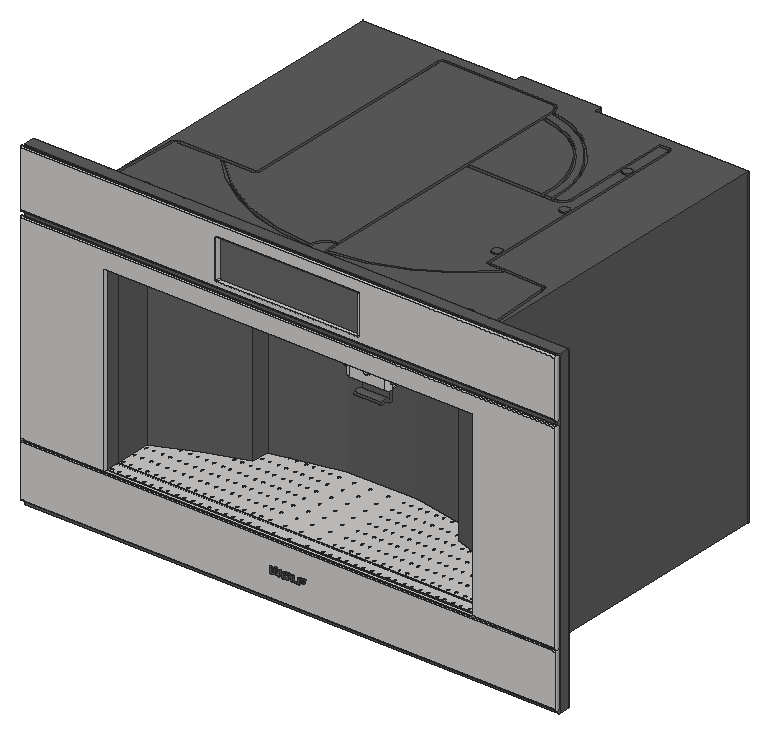
Revit family "EC3050PM", category Specialty Equipment, Revit 2017
Family settings
  Round Connector Dimension = Use Diameter
  Part Type = Normal
  OmniClass Number = 23.40.40.11.21
  OmniClass Title = Hot Cabinets
  Work Plane-Based = No
  Always vertical = Yes
  Cut with Voids When Loaded = No
  Shared = No
  Room Calculation Point = No
Parameters (values of type "EC3050PM")
  URL = "http://www.yepsketch.com"
  Model = "EC3050PM"
  Manufacturer = "Subzero Wolf"
  Author = "Yepsketch"
  Assembly Code = "E1090320"
Reference planes (in)
  plane 1 "Center (Front/Back)": y = 0
  plane 2: z = 0
  plane 3 "Center (Left/Right)": x = 0
Forms (in)
  Extrusion 1, solid, material "Thermoplastic Resin"
    sketch origin (0, 0, 0) x (1, 0, 0) y (0, 1, 0)
      loop
        line (-10.56417, 11.49096) -> (-10.56417, -6.19009) -> (10.89149, -6.19009) -> (10.89149, 11.48176)
        arc (10.89149, 11.48176) -> (10.88186, 11.505) -> (10.85861, 11.51463) r 0.03287
        line (10.85861, 11.51463) -> (2.4247, 11.51463)
        arc (2.4247, 11.51463) -> (2.39736, 11.52596) -> (2.38603, 11.5533) r 0.03867
        line (2.38603, 11.5533) -> (2.38603, 11.83137)
        arc (2.38603, 11.83137) -> (2.36087, 11.89211) -> (2.30014, 11.91727) r 0.08589
        line (2.30014, 11.91727) -> (-2.01654, 11.91727)
        arc (-2.01654, 11.91727) -> (-2.04636, 11.90491) -> (-2.05872, 11.87508) r 0.04218
        line (-2.05872, 11.87508) -> (-2.05872, 11.54377)
        arc (-2.05872, 11.54377) -> (-2.06741, 11.5228) -> (-2.08838, 11.51412) r 0.02966
        line (-2.08838, 11.51412) -> (-10.54102, 11.51412)
        arc (-10.54102, 11.51412) -> (-10.55739, 11.50733) -> (-10.56417, 11.49096) r 0.02316
    from 0 to 17.50389
  Extrusion 2, solid, material "Thermoplastic Resin"
    sketch origin (0, 0, 0) x (1, 0, 0) y (0, 1, 0)
      loop
        arc (-14.69217, -6.15193) -> (-14.72116, -6.16394) -> (-14.73318, -6.19294) r 0.04101
        line (-14.73318, -6.19294) -> (-14.73318, -6.74089)
        arc (-14.73318, -6.74089) -> (-14.70711, -6.80383) -> (-14.64418, -6.82989) r 0.089
        line (-14.64418, -6.82989) -> (-12.16097, -6.82989) -> (-12.16097, -6.86238) -> (14.81081, -6.86238) -> (14.81081, -6.82989) -> (14.97149, -6.82989)
        arc (14.97149, -6.82989) -> (15.03442, -6.80383) -> (15.06049, -6.74089) r 0.089
        line (15.06049, -6.74089) -> (15.06049, -6.20194)
        arc (15.06049, -6.20194) -> (15.04584, -6.16657) -> (15.01047, -6.15193) r 0.05001
        line (15.01047, -6.15193) -> (-14.69217, -6.15193)
    from 0 to 17.89035
  Extrusion 3, solid, material "Stainless Steel, Brushed"
    sketch origin (0, 0, 0) x (0, 1, 0) y (0, 0, 1)
      loop
        line (-6.97925, 17.8877) -> (-6.97925, 17.92118) -> (-7.06177, 17.92118)
        arc (-7.06177, 17.92118) -> (-7.10666, 17.90259) -> (-7.12525, 17.8577) r 0.06348
        line (-7.12525, 17.8577) -> (-7.12525, 14.7687)
        arc (-7.12525, 14.7687) -> (-7.10768, 14.72628) -> (-7.06525, 14.7087) r 0.06
        line (-7.06525, 14.7087) -> (-6.97925, 14.7087) -> (-6.97925, 14.741)
        arc (-6.97925, 14.741) -> (-6.92582, 14.75199) -> (-6.88306, 14.78586) r 0.11786
        line (-6.88306, 14.78586) -> (-6.88306, 17.79151)
        arc (-6.88306, 17.79151) -> (-6.91124, 17.85953) -> (-6.97925, 17.8877) r 0.09619
    from -14.76984 to 15.10791
  Extrusion 4, solid, material "Stainless Steel, Brushed"
    sketch origin (0, 0, -3.4915) x (0, 1, 0) y (0, 0, 1)
      loop
        line (-6.97925, 17.8877) -> (-6.97925, 17.92118) -> (-7.06177, 17.92118)
        arc (-7.06177, 17.92118) -> (-7.10666, 17.90259) -> (-7.12525, 17.8577) r 0.06348
        line (-7.12525, 17.8577) -> (-7.12525, 6.86508)
        arc (-7.12525, 6.86508) -> (-7.10768, 6.82266) -> (-7.06525, 6.80508) r 0.06
        line (-7.06525, 6.80508) -> (-6.97925, 6.80508) -> (-6.97925, 6.83738)
        arc (-6.97925, 6.83738) -> (-6.92582, 6.84837) -> (-6.88306, 6.88224) r 0.11786
        line (-6.88306, 6.88224) -> (-6.88306, 17.79151)
        arc (-6.88306, 17.79151) -> (-6.91124, 17.85953) -> (-6.97925, 17.8877) r 0.09619
    from -14.76984 to 15.10791
  Extrusion 5, solid, material "Stainless Steel, Brushed"
    sketch origin (0, 0, -14.65955) x (0, 1, 0) y (0, 0, 1)
      loop
        line (-6.97925, 17.8877) -> (-6.97925, 17.92118) -> (-7.03893, 17.92118)
        arc (-7.03893, 17.92118) -> (-7.08382, 17.90259) -> (-7.10241, 17.8577) r 0.06348
        line (-7.10241, 17.8577) -> (-7.10241, 14.98643)
        arc (-7.10241, 14.98643) -> (-7.08484, 14.944) -> (-7.04241, 14.92643) r 0.06
        line (-7.04241, 14.92643) -> (-6.97925, 14.92643) -> (-6.97925, 14.95872)
        arc (-6.97925, 14.95872) -> (-6.92582, 14.96971) -> (-6.88306, 15.00358) r 0.11786
        line (-6.88306, 15.00358) -> (-6.88306, 17.79151)
        arc (-6.88306, 17.79151) -> (-6.91124, 17.85953) -> (-6.97925, 17.8877) r 0.09619
    from -14.76984 to 15.10791
  Extrusion 6, solid
    sketch origin (0, 0, 0) x (1, 0, 0) y (0, 0, 1)
      loop
        line (-0.78338, 1.93507) -> (-0.78338, 1.6486)
        arc (-0.78338, 1.6486) -> (-0.76479, 1.60964) -> (-0.7228, 1.59961) r 0.05011
        arc (-0.7228, 1.59961) -> (-0.61616, 1.62639) -> (-0.5079, 1.64558) r 1.55626
        arc (-0.5079, 1.64558) -> (-0.40084, 1.6278) -> (-0.2958, 1.60049) r 1.20968
        arc (-0.2958, 1.60049) -> (-0.25018, 1.60972) -> (-0.23318, 1.65304) r 0.04866
        line (-0.23318, 1.65304) -> (-0.23318, 1.93125)
        arc (-0.23318, 1.93125) -> (-0.31238, 1.89844) -> (-0.34519, 1.81924) r 0.11201
        line (-0.34519, 1.81924) -> (-0.34519, 1.70699)
        arc (-0.34519, 1.70699) -> (-0.35261, 1.68908) -> (-0.37053, 1.68166) r 0.02534
        arc (-0.37053, 1.68166) -> (-0.43864, 1.69691) -> (-0.5079, 1.70549) r 0.72005
        arc (-0.5079, 1.70549) -> (-0.57894, 1.69799) -> (-0.64803, 1.67986) r 0.47224
        arc (-0.64803, 1.67986) -> (-0.6643, 1.6866) -> (-0.67104, 1.70287) r 0.02301
        line (-0.67104, 1.70287) -> (-0.67104, 1.82273)
        arc (-0.67104, 1.82273) -> (-0.70394, 1.90217) -> (-0.78338, 1.93507) r 0.11235
      loop
        arc (-0.56557, 1.90748) -> (-0.5872, 1.89239) -> (-0.60229, 1.87076) r 0.07521
        arc (-0.60229, 1.87076) -> (-0.59345, 1.78059) -> (-0.51043, 1.74433) r 0.08951
        arc (-0.51043, 1.74433) -> (-0.47511, 1.76343) -> (-0.46243, 1.80153) r 0.05455
        arc (-0.46243, 1.80153) -> (-0.46214, 1.81803) -> (-0.45569, 1.83322) r 0.04323
        arc (-0.45569, 1.83322) -> (-0.43543, 1.81122) -> (-0.42883, 1.78205) r 0.05798
        arc (-0.42883, 1.78205) -> (-0.41536, 1.79598) -> (-0.40624, 1.81308) r 0.06974
        arc (-0.40624, 1.81308) -> (-0.4108, 1.85645) -> (-0.43391, 1.89342) r 0.09691
        line (-0.43391, 1.89342) -> (-0.45673, 1.91625)
        arc (-0.45673, 1.91625) -> (-0.47997, 1.95054) -> (-0.49449, 1.98935) r 0.17478
        arc (-0.49449, 1.98935) -> (-0.51379, 1.97221) -> (-0.52256, 1.94794) r 0.05234
        arc (-0.52256, 1.94794) -> (-0.5155, 1.91422) -> (-0.51539, 1.87978) r 0.16948
        arc (-0.51539, 1.87978) -> (-0.52642, 1.85392) -> (-0.55331, 1.8621) r 0.02104
        arc (-0.55331, 1.8621) -> (-0.56264, 1.88392) -> (-0.56557, 1.90748) r 0.08502
      loop
        line (-0.13714, 1.82707) -> (-0.13714, 1.70373)
        arc (-0.13714, 1.70373) -> (-0.09523, 1.61485) -> (0, 1.59063) r 0.1152
        line (0, 1.59063) -> (0.17151, 1.59063)
        arc (0.17151, 1.59063) -> (0.25662, 1.62589) -> (0.29188, 1.711) r 0.12037
        line (0.29188, 1.711) -> (0.29188, 1.81888)
        arc (0.29188, 1.81888) -> (0.25662, 1.90399) -> (0.17151, 1.93924) r 0.12037
        line (0.17151, 1.93924) -> (0, 1.93924)
        arc (0, 1.93924) -> (-0.09515, 1.91565) -> (-0.13714, 1.82707) r 0.11445
      loop
        arc (0.1346, 1.64398) -> (0.17192, 1.65944) -> (0.18738, 1.69676) r 0.05278
        line (0.18738, 1.69676) -> (0.18738, 1.83018)
        arc (0.18738, 1.83018) -> (0.17192, 1.8675) -> (0.1346, 1.88296) r 0.05278
        line (0.1346, 1.88296) -> (0.018, 1.88296)
        arc (0.018, 1.88296) -> (-0.02223, 1.86286) -> (-0.03032, 1.81862) r 0.05032
        line (-0.03032, 1.81862) -> (-0.03032, 1.71287)
        arc (-0.03032, 1.71287) -> (-0.01014, 1.66416) -> (0.03857, 1.64398) r 0.06889
        line (0.03857, 1.64398) -> (0.1346, 1.64398)
      loop
        arc (0.8275, 1.93924) -> (0.78371, 1.92111) -> (0.76557, 1.87732) r 0.06192
        line (0.76557, 1.87732) -> (0.76557, 1.65068)
        arc (0.76557, 1.65068) -> (0.8195, 1.59675) -> (0.87343, 1.65068) r 0.05393
        line (0.87343, 1.65068) -> (0.87343, 1.6847)
        arc (0.87343, 1.6847) -> (0.88527, 1.70013) -> (0.90382, 1.70598) r 0.03234
        line (0.90382, 1.70598) -> (1.06376, 1.70598)
        arc (1.06376, 1.70598) -> (1.09629, 1.73851) -> (1.06376, 1.77105) r 0.03253
        line (1.06376, 1.77105) -> (0.88126, 1.77105)
        arc (0.88126, 1.77105) -> (0.87349, 1.80451) -> (0.88126, 1.83797) r 0.07591
        line (0.88126, 1.83797) -> (1.06376, 1.83797)
        arc (1.06376, 1.83797) -> (1.13029, 1.86868) -> (1.15008, 1.93924) r 0.08743
        line (1.15008, 1.93924) -> (0.8275, 1.93924)
      loop
        arc (0.50305, 1.82698) -> (0.47017, 1.90636) -> (0.39079, 1.93924) r 0.11226
        line (0.39079, 1.93924) -> (0.39079, 1.65068)
        arc (0.39079, 1.65068) -> (0.40668, 1.61231) -> (0.44504, 1.59642) r 0.05425
        line (0.44504, 1.59642) -> (0.69605, 1.59642)
        arc (0.69605, 1.59642) -> (0.72741, 1.62779) -> (0.69605, 1.65915) r 0.03137
        line (0.69605, 1.65915) -> (0.5263, 1.65915)
        arc (0.5263, 1.65915) -> (0.50986, 1.66596) -> (0.50305, 1.6824) r 0.02324
        line (0.50305, 1.6824) -> (0.50305, 1.82698)
    from 6.89908 to 7.17238
  Extrusion 7, void
    sketch origin (0, 0, 0) x (1, 0, 0) y (0, 1, 0)
      loop
        line (10.43658, -7.47925) -> (10.43658, -4.12556)
        arc (10.43658, -4.12556) -> (0.17625, -1.55558) -> (-10.08408, -4.12556) r 21.76654
        line (-10.08408, -4.12556) -> (-10.08408, -7.47925) -> (10.43658, -7.47925)
    from 3.35827 to 13.44431
  Extrusion 8, void
    sketch origin (0, 0, 0) x (1, 0, 0) y (0, 1, 0)
      loop
        line (5.81257, -2.39482) -> (5.81257, -1.20985)
        arc (5.81257, -1.20985) -> (0.10363, -0.39706) -> (-5.58408, -1.3471) r 18.86171
        line (-5.58408, -1.3471) -> (-5.58408, -2.39482) -> (5.81257, -2.39482)
    from 3.35827 to 12.25674
  Extrusion 9, solid
    sketch origin (0, 0, 0) x (1, 0, 0) y (0, 0, 1)
      loop
        arc (-0.99053, 12.25674) -> (-1.04261, 12.23517) -> (-1.06418, 12.18309) r 0.07365
        line (-1.06418, 12.18309) -> (-1.06418, 9.0422)
        arc (-1.06418, 9.0422) -> (-1.05479, 8.99904) -> (-1.0211, 8.9705) r 0.06879
        line (-1.0211, 8.9705) -> (1.3753, 8.9705)
        arc (1.3753, 8.9705) -> (1.42013, 9.0049) -> (1.43713, 9.05879) r 0.09396
        line (1.43713, 9.05879) -> (1.43713, 12.16873)
        arc (1.43713, 12.16873) -> (1.42922, 12.22878) -> (1.3755, 12.25674) r 0.06558
        line (1.3755, 12.25674) -> (-0.99053, 12.25674)
    from 0.65833 to 1.62812
  Extrusion 10, void
    sketch origin (0, 0, 0) x (1, 0, 0) y (0, 1, 0)
      loop
        line (-0.75, -0.65833) -> (-0.75, -0.62266) -> (-1.11603, -0.62266) -> (-1.11603, -0.88277) -> (-1.08095, -0.88277)
        arc (-1.08095, -0.88277) -> (-0.95427, -0.71335) -> (-0.75, -0.65833) r 0.32374
    from 8.9705 to 12.25674
  Extrusion 11, void
    sketch origin (0, -2.28645, 0) x (1, 0, 0) y (0, 1, 0)
      loop
        arc (-0.75, 0.65833) -> (-0.95427, 0.71335) -> (-1.08095, 0.88277) r 0.32374
        line (-1.08095, 0.88277) -> (-1.11603, 0.88277) -> (-1.11603, 0.62266) -> (-0.75, 0.62266) -> (-0.75, 0.65833)
    from 8.9705 to 12.25674
  Extrusion 12, void
    sketch origin (0.36435, 0, 0) x (-1, 0, 0) y (0, -1, 0)
      loop
        arc (-0.75, 0.65833) -> (-0.95427, 0.71335) -> (-1.08095, 0.88277) r 0.32374
        line (-1.08095, 0.88277) -> (-1.11603, 0.88277) -> (-1.11603, 0.62266) -> (-0.75, 0.62266) -> (-0.75, 0.65833)
    from 8.9705 to 12.25674
  Extrusion 13, void
    sketch origin (0.36435, -2.28645, 0) x (-1, 0, 0) y (0, -1, 0)
      loop
        line (-0.75, -0.65833) -> (-0.75, -0.62266) -> (-1.11603, -0.62266) -> (-1.11603, -0.88277) -> (-1.08095, -0.88277)
        arc (-1.08095, -0.88277) -> (-0.95427, -0.71335) -> (-0.75, -0.65833) r 0.32374
    from 8.9705 to 12.25674
  Extrusion 14, void
    sketch origin (0, 0, 0) x (1, 0, 0) y (0, 0, 1)
      loop
        arc (0.20907, 9.90188) -> (0.17042, 9.85411) -> (0.16908, 9.79268) r 0.09502
        arc (0.16908, 9.79268) -> (0.18215, 9.72731) -> (0.18063, 9.66066) r 0.30348
        arc (0.18063, 9.66066) -> (0.14266, 9.61745) -> (0.08817, 9.63589) r 0.05184
        arc (0.08817, 9.63589) -> (0.07317, 9.68429) -> (0.06832, 9.73474) r 0.248
        arc (0.06832, 9.73474) -> (0.03117, 9.70357) -> (0, 9.66642) r 0.27811
        arc (0, 9.66642) -> (-0.03214, 9.56447) -> (0, 9.46251) r 0.17777
        arc (0, 9.46251) -> (0.08156, 9.39864) -> (0.18488, 9.39109) r 0.17777
        arc (0.18488, 9.39109) -> (0.26455, 9.44662) -> (0.28288, 9.54199) r 0.12895
        arc (0.28288, 9.54199) -> (0.28669, 9.5608) -> (0.30015, 9.57448) r 0.03369
        arc (0.30015, 9.57448) -> (0.34555, 9.53065) -> (0.36081, 9.46941) r 0.11445
        arc (0.36081, 9.46941) -> (0.40365, 9.53676) -> (0.39744, 9.61633) r 0.12602
        arc (0.39744, 9.61633) -> (0.3554, 9.68927) -> (0.29688, 9.74979) r 0.34354
        arc (0.29688, 9.74979) -> (0.24434, 9.82085) -> (0.20907, 9.90188) r 0.39184
      loop
        arc (0.31058, 9.76443) -> (0.25569, 9.84161) -> (0.22208, 9.93015) r 0.37184
        arc (0.22208, 9.93015) -> (0.15685, 9.87305) -> (0.15001, 9.78663) r 0.11502
        arc (0.15001, 9.78663) -> (0.16222, 9.72557) -> (0.1608, 9.66331) r 0.28348
        arc (0.1608, 9.66331) -> (0.13859, 9.63709) -> (0.10548, 9.64632) r 0.03184
        arc (0.10548, 9.64632) -> (0.08968, 9.70824) -> (0.09167, 9.77212) r 0.228
        arc (0.09167, 9.77212) -> (0.0319, 9.7316) -> (-0.01638, 9.67789) r 0.29811
        arc (-0.01638, 9.67789) -> (-0.05214, 9.56447) -> (-0.01638, 9.45104) r 0.19777
        arc (-0.01638, 9.45104) -> (0.07435, 9.37999) -> (0.1893, 9.37158) r 0.19777
        arc (0.1893, 9.37158) -> (0.28248, 9.43754) -> (0.3016, 9.55009) r 0.14895
        arc (0.3016, 9.55009) -> (0.33835, 9.49516) -> (0.3301, 9.42959) r 0.09445
        arc (0.3301, 9.42959) -> (0.41499, 9.50834) -> (0.41586, 9.62412) r 0.14602
        arc (0.41586, 9.62412) -> (0.37181, 9.70072) -> (0.31058, 9.76443) r 0.36354
    from 1.60848 to 1.62812
  Extrusion 15, solid
    sketch origin (0, 0, 0) x (1, 0, 0) y (0, 1, 0)
      loop
        line (-1.0654, -1.51266) -> (-1.0654, -0.77485)
        arc (-1.0654, -0.77485) -> (-1.38347, -1.14376) -> (-1.0654, -1.51266) r 0.37297
      loop
        arc (1.43713, -1.51224) -> (1.75242, -1.14376) -> (1.43713, -0.77528) r 0.37297
        line (1.43713, -0.77528) -> (1.43713, -1.51224)
    from 9.34198 to 12.25674
  Extrusion 16, solid
    sketch origin (0, 0, 0) x (1, 0, 0) y (0, 0, 1)
      loop
        line (3.63763, 12.25674) -> (1.80142, 12.25674) -> (1.80142, 10.28113)
        arc (1.80142, 10.28113) -> (1.8242, 10.22611) -> (1.87922, 10.20332) r 0.0778
        line (1.87922, 10.20332) -> (2.88062, 10.20332) -> (2.88062, 11.77288)
        arc (2.88062, 11.77288) -> (2.9035, 11.8281) -> (2.95872, 11.85098) r 0.07809
        line (2.95872, 11.85098) -> (3.56601, 11.85098)
        arc (3.56601, 11.85098) -> (3.61666, 11.87195) -> (3.63763, 11.9226) r 0.07162
        line (3.63763, 11.9226) -> (3.63763, 12.25674)
    from 0.44984 to 0.7314
  Extrusion 17, solid
    sketch origin (0, 0, 0) x (1, 0, 0) y (0, 0, 1)
      loop
        line (3.09625, 12.25674) -> (2.0222, 12.25674) -> (2.0222, 11.90363)
        arc (2.0222, 11.90363) -> (2.07285, 11.8872) -> (2.12476, 11.8754) r 0.59081
        line (2.12476, 11.8754) -> (2.12476, 10.64971)
        arc (2.12476, 10.64971) -> (2.15218, 10.58351) -> (2.21839, 10.55608) r 0.09363
        line (2.21839, 10.55608) -> (2.54973, 10.55608)
        arc (2.54973, 10.55608) -> (2.60515, 10.57904) -> (2.62811, 10.63446) r 0.07838
        line (2.62811, 10.63446) -> (2.62811, 11.83337)
        arc (2.62811, 11.83337) -> (2.66624, 11.87122) -> (2.71815, 11.88506) r 0.10427
        line (2.71815, 11.88506) -> (3.03833, 11.88506)
        arc (3.03833, 11.88506) -> (3.07929, 11.90203) -> (3.09625, 11.94298) r 0.05792
        line (3.09625, 11.94298) -> (3.09625, 12.25674)
    from 0.7314 to 0.80308
  Extrusion 18, solid
    sketch origin (0, 0, 0) x (1, 0, 0) y (0, 0, 1)
      loop
        arc (2.08069, 11.26495) -> (2.13805, 11.08842) -> (2.28823, 10.97934) r 0.30029
        line (2.28823, 10.97934) -> (2.48346, 10.97934)
        arc (2.48346, 10.97934) -> (2.63358, 11.08845) -> (2.69092, 11.26495) r 0.30032
        line (2.69092, 11.26495) -> (2.69092, 11.83379)
        arc (2.69092, 11.83379) -> (2.63433, 11.97041) -> (2.49771, 12.027) r 0.19321
        line (2.49771, 12.027) -> (2.28515, 12.027)
        arc (2.28515, 12.027) -> (2.13688, 11.91323) -> (2.08069, 11.73499) r 0.31075
        line (2.08069, 11.73499) -> (2.08069, 11.26495)
    from 0.80308 to 0.83889
  Extrusion 19, solid
    sketch origin (0, 0, 0) x (1, 0, 0) y (0, 0, 1)
      loop
        arc (2.28823, 10.98856) -> (2.29476, 10.9728) -> (2.31052, 10.96626) r 0.0223
        line (2.31052, 10.96626) -> (2.46109, 10.96626)
        arc (2.46109, 10.96626) -> (2.47693, 10.97126) -> (2.48705, 10.98444) r 0.02762
        line (2.48705, 10.98444) -> (2.48705, 12.22934)
        arc (2.48705, 12.22934) -> (2.47778, 12.24362) -> (2.46169, 12.24916) r 0.02613
        line (2.46169, 12.24916) -> (2.31653, 12.24916)
        arc (2.31653, 12.24916) -> (2.29929, 12.24366) -> (2.28823, 12.22934) r 0.03043
        line (2.28823, 12.22934) -> (2.28823, 10.98856)
    from 0.83889 to 0.89472
  Extrusion 20, solid
    sketch origin (0, 0, 0) x (0, 1, 0) y (0, 0, 1)
      loop
        line (-0.84436, 8.9705) -> (-0.99436, 8.9705) -> (-0.99436, 8.19369)
        arc (-0.99436, 8.19369) -> (-1.26723, 8.29577) -> (-1.55106, 8.23005) r 0.50472
        arc (-1.55106, 8.23005) -> (-1.57884, 8.12769) -> (-1.47648, 8.0999) r 0.075
        arc (-1.47648, 8.0999) -> (-1.20832, 8.13476) -> (-0.99352, 7.9705) r 0.35472
        line (-0.99352, 7.9705) -> (-0.84436, 7.9705) -> (-0.84436, 8.9705)
    from -0.57 to 0.94415
  Extrusion 21, solid
    sketch origin (0, 0, 0) x (1, 0, 0) y (0, 1, 0)
      loop
        circle (-0.4373, -1.08937) r 0.02
      loop
        circle (0.82051, -1.08937) r 0.02
    from 8.77454 to 9.01713
  Extrusion 22, void
    sketch origin (0, 0, 0) x (1, 0, 0) y (0, 1, 0)
      loop
        circle (-9.90171, -6.74661) r 0.06
      loop
        circle (-9.49728, -6.74661) r 0.06
      loop
        circle (-8.99728, -6.74661) r 0.06
      loop
        circle (-8.59285, -6.74661) r 0.06
      loop
        circle (-8.09285, -6.74661) r 0.06
      loop
        circle (-7.68843, -6.74661) r 0.06
      loop
        circle (-7.18843, -6.74661) r 0.06
      loop
        circle (-6.784, -6.74661) r 0.06
      loop
        circle (-6.284, -6.74661) r 0.06
      loop
        circle (-5.87957, -6.74661) r 0.06
      loop
        circle (-5.37957, -6.74661) r 0.06
      loop
        circle (-4.97515, -6.74661) r 0.06
      loop
        circle (-4.47515, -6.74661) r 0.06
      loop
        circle (-4.07072, -6.74661) r 0.06
      loop
        circle (-3.57072, -6.74661) r 0.06
      loop
        circle (-3.1663, -6.74661) r 0.06
      loop
        circle (-2.6663, -6.74661) r 0.06
      loop
        circle (-2.26187, -6.74661) r 0.06
      loop
        circle (-1.76187, -6.74661) r 0.06
      loop
        circle (1.84829, -6.74661) r 0.06
      loop
        circle (2.25272, -6.74661) r 0.06
      loop
        circle (2.75272, -6.74661) r 0.06
      loop
        circle (3.15715, -6.74661) r 0.06
      loop
        circle (3.65715, -6.74661) r 0.06
      loop
        circle (4.06157, -6.74661) r 0.06
      loop
        circle (4.56157, -6.74661) r 0.06
      loop
        circle (4.966, -6.74661) r 0.06
      loop
        circle (5.466, -6.74661) r 0.06
      loop
        circle (5.87043, -6.74661) r 0.06
      loop
        circle (6.37043, -6.74661) r 0.06
      loop
        circle (6.77485, -6.74661) r 0.06
      loop
        circle (7.27485, -6.74661) r 0.06
      loop
        circle (7.67928, -6.74661) r 0.06
      loop
        circle (8.17928, -6.74661) r 0.06
      loop
        circle (8.5837, -6.74661) r 0.06
      loop
        circle (9.0837, -6.74661) r 0.06
      loop
        circle (9.48813, -6.74661) r 0.06
      loop
        circle (9.98813, -6.74661) r 0.06
      loop
        circle (-0.03032, -6.74661) r 0.06
      loop
        circle (0.96968, -6.74661) r 0.06
      loop
        circle (-0.90645, -6.74661) r 0.06
    from 3.16504 to 3.46811
  Extrusion 23, void
    sketch origin (0, 0.8, 0) x (1, 0, 0) y (0, 1, 0)
      loop
        circle (-9.90171, -6.74661) r 0.06
      loop
        circle (-9.49728, -6.74661) r 0.06
      loop
        circle (-8.99728, -6.74661) r 0.06
      loop
        circle (-8.59285, -6.74661) r 0.06
      loop
        circle (-8.09285, -6.74661) r 0.06
      loop
        circle (-7.68843, -6.74661) r 0.06
      loop
        circle (-7.18843, -6.74661) r 0.06
      loop
        circle (-6.784, -6.74661) r 0.06
      loop
        circle (-6.284, -6.74661) r 0.06
      loop
        circle (-5.87957, -6.74661) r 0.06
      loop
        circle (-5.37957, -6.74661) r 0.06
      loop
        circle (-4.97515, -6.74661) r 0.06
      loop
        circle (-4.47515, -6.74661) r 0.06
      loop
        circle (-4.07072, -6.74661) r 0.06
      loop
        circle (-3.57072, -6.74661) r 0.06
      loop
        circle (-3.1663, -6.74661) r 0.06
      loop
        circle (-2.6663, -6.74661) r 0.06
      loop
        circle (-2.26187, -6.74661) r 0.06
      loop
        circle (-1.76187, -6.74661) r 0.06
      loop
        circle (1.84829, -6.74661) r 0.06
      loop
        circle (2.25272, -6.74661) r 0.06
      loop
        circle (2.75272, -6.74661) r 0.06
      loop
        circle (3.15715, -6.74661) r 0.06
      loop
        circle (3.65715, -6.74661) r 0.06
      loop
        circle (4.06157, -6.74661) r 0.06
      loop
        circle (4.56157, -6.74661) r 0.06
      loop
        circle (4.966, -6.74661) r 0.06
      loop
        circle (5.466, -6.74661) r 0.06
      loop
        circle (5.87043, -6.74661) r 0.06
      loop
        circle (6.37043, -6.74661) r 0.06
      loop
        circle (6.77485, -6.74661) r 0.06
      loop
        circle (7.27485, -6.74661) r 0.06
      loop
        circle (7.67928, -6.74661) r 0.06
      loop
        circle (8.17928, -6.74661) r 0.06
      loop
        circle (8.5837, -6.74661) r 0.06
      loop
        circle (9.0837, -6.74661) r 0.06
      loop
        circle (9.48813, -6.74661) r 0.06
      loop
        circle (9.98813, -6.74661) r 0.06
      loop
        circle (-0.03032, -6.74661) r 0.06
      loop
        circle (0.96968, -6.74661) r 0.06
      loop
        circle (-0.90645, -6.74661) r 0.06
    from 3.16504 to 3.46811
  Extrusion 24, void
    sketch origin (0, 1.6, 0) x (1, 0, 0) y (0, 1, 0)
      loop
        circle (-9.90171, -6.74661) r 0.06
      loop
        circle (-9.49728, -6.74661) r 0.06
      loop
        circle (-8.99728, -6.74661) r 0.06
      loop
        circle (-8.59285, -6.74661) r 0.06
      loop
        circle (-8.09285, -6.74661) r 0.06
      loop
        circle (-7.68843, -6.74661) r 0.06
      loop
        circle (-7.18843, -6.74661) r 0.06
      loop
        circle (-6.784, -6.74661) r 0.06
      loop
        circle (-6.284, -6.74661) r 0.06
      loop
        circle (-5.87957, -6.74661) r 0.06
      loop
        circle (-5.37957, -6.74661) r 0.06
      loop
        circle (-4.97515, -6.74661) r 0.06
      loop
        circle (-4.47515, -6.74661) r 0.06
      loop
        circle (-4.07072, -6.74661) r 0.06
      loop
        circle (-3.57072, -6.74661) r 0.06
      loop
        circle (-3.1663, -6.74661) r 0.06
      loop
        circle (-2.6663, -6.74661) r 0.06
      loop
        circle (-2.26187, -6.74661) r 0.06
      loop
        circle (-1.76187, -6.74661) r 0.06
      loop
        circle (1.84829, -6.74661) r 0.06
      loop
        circle (2.25272, -6.74661) r 0.06
      loop
        circle (2.75272, -6.74661) r 0.06
      loop
        circle (3.15715, -6.74661) r 0.06
      loop
        circle (3.65715, -6.74661) r 0.06
      loop
        circle (4.06157, -6.74661) r 0.06
      loop
        circle (4.56157, -6.74661) r 0.06
      loop
        circle (4.966, -6.74661) r 0.06
      loop
        circle (5.466, -6.74661) r 0.06
      loop
        circle (5.87043, -6.74661) r 0.06
      loop
        circle (6.37043, -6.74661) r 0.06
      loop
        circle (6.77485, -6.74661) r 0.06
      loop
        circle (7.27485, -6.74661) r 0.06
      loop
        circle (7.67928, -6.74661) r 0.06
      loop
        circle (8.17928, -6.74661) r 0.06
      loop
        circle (8.5837, -6.74661) r 0.06
      loop
        circle (9.0837, -6.74661) r 0.06
      loop
        circle (9.48813, -6.74661) r 0.06
      loop
        circle (9.98813, -6.74661) r 0.06
      loop
        circle (-0.03032, -6.74661) r 0.06
      loop
        circle (0.96968, -6.74661) r 0.06
      loop
        circle (-0.90645, -6.74661) r 0.06
    from 3.16504 to 3.46811
  Extrusion 25, void
    sketch origin (0, 2.4, 0) x (1, 0, 0) y (0, 1, 0)
      loop
        circle (-9.90171, -6.74661) r 0.06
      loop
        circle (-9.49728, -6.74661) r 0.06
      loop
        circle (-8.99728, -6.74661) r 0.06
      loop
        circle (-8.59285, -6.74661) r 0.06
      loop
        circle (-8.09285, -6.74661) r 0.06
      loop
        circle (-7.68843, -6.74661) r 0.06
      loop
        circle (-7.18843, -6.74661) r 0.06
      loop
        circle (-6.784, -6.74661) r 0.06
      loop
        circle (-6.284, -6.74661) r 0.06
      loop
        circle (-5.87957, -6.74661) r 0.06
      loop
        circle (-5.37957, -6.74661) r 0.06
      loop
        circle (-4.97515, -6.74661) r 0.06
      loop
        circle (-4.47515, -6.74661) r 0.06
      loop
        circle (-4.07072, -6.74661) r 0.06
      loop
        circle (-3.57072, -6.74661) r 0.06
      loop
        circle (-3.1663, -6.74661) r 0.06
      loop
        circle (-2.6663, -6.74661) r 0.06
      loop
        circle (-2.26187, -6.74661) r 0.06
      loop
        circle (-1.76187, -6.74661) r 0.06
      loop
        circle (1.84829, -6.74661) r 0.06
      loop
        circle (2.25272, -6.74661) r 0.06
      loop
        circle (2.75272, -6.74661) r 0.06
      loop
        circle (3.15715, -6.74661) r 0.06
      loop
        circle (3.65715, -6.74661) r 0.06
      loop
        circle (4.06157, -6.74661) r 0.06
      loop
        circle (4.56157, -6.74661) r 0.06
      loop
        circle (4.966, -6.74661) r 0.06
      loop
        circle (5.466, -6.74661) r 0.06
      loop
        circle (5.87043, -6.74661) r 0.06
      loop
        circle (6.37043, -6.74661) r 0.06
      loop
        circle (6.77485, -6.74661) r 0.06
      loop
        circle (7.27485, -6.74661) r 0.06
      loop
        circle (7.67928, -6.74661) r 0.06
      loop
        circle (8.17928, -6.74661) r 0.06
      loop
        circle (8.5837, -6.74661) r 0.06
      loop
        circle (9.0837, -6.74661) r 0.06
      loop
        circle (9.48813, -6.74661) r 0.06
      loop
        circle (9.98813, -6.74661) r 0.06
      loop
        circle (-0.03032, -6.74661) r 0.06
      loop
        circle (0.96968, -6.74661) r 0.06
      loop
        circle (-0.90645, -6.74661) r 0.06
    from 3.16504 to 3.46811
  Extrusion 26, void
    sketch origin (0, 3.2, 0) x (1, 0, 0) y (0, 1, 0)
      loop
        circle (-8.59285, -6.74661) r 0.06
      loop
        circle (-8.09285, -6.74661) r 0.06
      loop
        circle (-7.68843, -6.74661) r 0.06
      loop
        circle (-7.18843, -6.74661) r 0.06
      loop
        circle (-6.784, -6.74661) r 0.06
      loop
        circle (-6.284, -6.74661) r 0.06
      loop
        circle (-5.87957, -6.74661) r 0.06
      loop
        circle (-5.37957, -6.74661) r 0.06
      loop
        circle (-4.97515, -6.74661) r 0.06
      loop
        circle (-4.47515, -6.74661) r 0.06
      loop
        circle (-4.07072, -6.74661) r 0.06
      loop
        circle (-3.57072, -6.74661) r 0.06
      loop
        circle (-3.1663, -6.74661) r 0.06
      loop
        circle (-2.6663, -6.74661) r 0.06
      loop
        circle (-2.26187, -6.74661) r 0.06
      loop
        circle (-1.76187, -6.74661) r 0.06
      loop
        circle (1.84829, -6.74661) r 0.06
      loop
        circle (2.25272, -6.74661) r 0.06
      loop
        circle (2.75272, -6.74661) r 0.06
      loop
        circle (3.15715, -6.74661) r 0.06
      loop
        circle (3.65715, -6.74661) r 0.06
      loop
        circle (4.06157, -6.74661) r 0.06
      loop
        circle (4.56157, -6.74661) r 0.06
      loop
        circle (4.966, -6.74661) r 0.06
      loop
        circle (5.466, -6.74661) r 0.06
      loop
        circle (5.87043, -6.74661) r 0.06
      loop
        circle (6.37043, -6.74661) r 0.06
      loop
        circle (6.77485, -6.74661) r 0.06
      loop
        circle (7.27485, -6.74661) r 0.06
      loop
        circle (7.67928, -6.74661) r 0.06
      loop
        circle (8.17928, -6.74661) r 0.06
      loop
        circle (8.5837, -6.74661) r 0.06
      loop
        circle (-0.03032, -6.74661) r 0.06
      loop
        circle (0.96968, -6.74661) r 0.06
      loop
        circle (-0.90645, -6.74661) r 0.06
    from 3.16504 to 3.46811
  Extrusion 27, void
    sketch origin (0, 4, 0) x (1, 0, 0) y (0, 1, 0)
      loop
        circle (-6.284, -6.74661) r 0.06
      loop
        circle (-5.87957, -6.74661) r 0.06
      loop
        circle (-5.37957, -6.74661) r 0.06
      loop
        circle (-4.97515, -6.74661) r 0.06
      loop
        circle (-4.47515, -6.74661) r 0.06
      loop
        circle (-4.07072, -6.74661) r 0.06
      loop
        circle (-3.57072, -6.74661) r 0.06
      loop
        circle (-3.1663, -6.74661) r 0.06
      loop
        circle (-2.6663, -6.74661) r 0.06
      loop
        circle (-2.26187, -6.74661) r 0.06
      loop
        circle (-1.76187, -6.74661) r 0.06
      loop
        circle (1.84829, -6.74661) r 0.06
      loop
        circle (2.25272, -6.74661) r 0.06
      loop
        circle (2.75272, -6.74661) r 0.06
      loop
        circle (3.15715, -6.74661) r 0.06
      loop
        circle (3.65715, -6.74661) r 0.06
      loop
        circle (4.06157, -6.74661) r 0.06
      loop
        circle (4.56157, -6.74661) r 0.06
      loop
        circle (4.966, -6.74661) r 0.06
      loop
        circle (5.466, -6.74661) r 0.06
      loop
        circle (5.87043, -6.74661) r 0.06
      loop
        circle (6.37043, -6.74661) r 0.06
      loop
        circle (6.77485, -6.74661) r 0.06
      loop
        circle (-0.03032, -6.74661) r 0.06
      loop
        circle (0.96968, -6.74661) r 0.06
      loop
        circle (-0.90645, -6.74661) r 0.06
    from 3.16504 to 3.46811
  Extrusion 28, void
    sketch origin (0, 5.6, 0) x (1, 0, 0) y (0, 1, 0)
      loop
        circle (-4.47515, -6.74661) r 0.06
      loop
        circle (-4.07072, -6.74661) r 0.06
      loop
        circle (-3.57072, -6.74661) r 0.06
      loop
        circle (-3.1663, -6.74661) r 0.06
      loop
        circle (-2.6663, -6.74661) r 0.06
      loop
        circle (-2.26187, -6.74661) r 0.06
      loop
        circle (-1.76187, -6.74661) r 0.06
      loop
        circle (1.84829, -6.74661) r 0.06
      loop
        circle (2.25272, -6.74661) r 0.06
      loop
        circle (2.75272, -6.74661) r 0.06
      loop
        circle (3.15715, -6.74661) r 0.06
      loop
        circle (3.65715, -6.74661) r 0.06
      loop
        circle (4.06157, -6.74661) r 0.06
      loop
        circle (4.56157, -6.74661) r 0.06
      loop
        circle (4.966, -6.74661) r 0.06
      loop
        circle (-0.03032, -6.74661) r 0.06
      loop
        circle (0.96968, -6.74661) r 0.06
      loop
        circle (-0.90645, -6.74661) r 0.06
    from 3.16504 to 3.35827
  Extrusion 29, void
    sketch origin (0, 0, 0) x (1, 0, 0) y (0, 1, 0)
      loop
        line (-10.43787, -6.18224) -> (-10.2246, -2.11267)
        arc (-10.2246, -2.11267) -> (-10.18568, -2.01872) -> (-10.09172, -1.9798) r 0.13288
        line (-10.09172, -1.9798) -> (-7.70905, -1.9798)
        arc (-7.70905, -1.9798) -> (-4.13432, -4.64214) -> (0.22503, -5.57102) r 10.44095
        arc (0.22503, -5.57102) -> (0.3618, -4.98489) -> (0.90448, -4.72462) r 0.69592
        line (0.90448, -4.72462) -> (0.90448, -5.54347)
        arc (0.90448, -5.54347) -> (4.87961, -4.51122) -> (8.16241, -2.04335) r 10.58274
        line (8.16241, -2.04335) -> (10.23484, -2.12901)
        arc (10.23484, -2.12901) -> (10.3579, -2.17998) -> (10.40887, -2.30304) r 0.17403
        line (10.40887, -2.30304) -> (10.61258, -6.19009) -> (10.76279, -6.19009) -> (10.55884, -2.29851)
        arc (10.55884, -2.29851) -> (10.46362, -2.07358) -> (10.23841, -1.97903) r 0.32403
        line (10.23841, -1.97903) -> (7.97338, -1.8854) -> (7.27463, -1.85652)
        arc (7.27463, -1.85652) -> (7.22184, -1.83608) -> (7.19977, -1.78395) r 0.07261
        line (7.19977, -1.78395) -> (7.19977, 10.66415)
        arc (7.19977, 10.66415) -> (7.10977, 10.88142) -> (6.8925, 10.97141) r 0.30726
        line (6.8925, 10.97141) -> (6.37337, 10.97141) -> (6.37337, 4.72138)
        arc (6.37337, 4.72138) -> (6.26198, 4.45244) -> (5.99304, 4.34105) r 0.38033
        line (5.99304, 4.34105) -> (5.84971, 4.34105)
        arc (5.84971, 4.34105) -> (4.58305, 8.23524) -> (1.05448, 10.31332) r 5.78094
        arc (1.05448, 10.31332) -> (0.86854, 10.76223) -> (0.41963, 10.94817) r 0.63485
        line (0.41963, 10.94817) -> (-5.48194, 10.94817)
        arc (-5.48194, 10.94817) -> (-5.6803, 10.86601) -> (-5.76246, 10.66765) r 0.28052
        line (-5.76246, 10.66765) -> (-5.76246, -1.76267)
        arc (-5.76246, -1.76267) -> (-5.78212, -1.81014) -> (-5.82959, -1.8298) r 0.06713
        line (-5.82959, -1.8298) -> (-10.09172, -1.8298)
        arc (-10.09172, -1.8298) -> (-10.29009, -1.91101) -> (-10.37456, -2.10801) r 0.28288
        line (-10.37456, -2.10801) -> (-10.58808, -6.18224) -> (-10.43787, -6.18224)
      loop
        line (-5.82959, -1.9798) -> (-7.5092, -1.9798)
        arc (-7.5092, -1.9798) -> (-4.08822, -4.49834) -> (0.05857, -5.42054) r 10.29095
        arc (0.05857, -5.42054) -> (0.30633, -4.82239) -> (0.90448, -4.57462) r 0.84592
        line (0.90448, -4.57462) -> (0.90448, 10.31332)
        arc (0.90448, 10.31332) -> (0.76247, 10.65617) -> (0.41963, 10.79817) r 0.48485
        line (0.41963, 10.79817) -> (-5.48194, 10.79817)
        arc (-5.48194, 10.79817) -> (-5.57423, 10.75995) -> (-5.61246, 10.66765) r 0.13052
        line (-5.61246, 10.66765) -> (-5.61246, -1.76267)
        arc (-5.61246, -1.76267) -> (-5.67606, -1.9162) -> (-5.82959, -1.9798) r 0.21713
      loop
        line (1.05448, 10.16106) -> (1.05448, 9.67825)
        arc (1.05448, 9.67825) -> (4.25606, 7.86743) -> (5.3019, 4.34105) r 4.91066
        line (5.3019, 4.34105) -> (5.69953, 4.34105)
        arc (5.69953, 4.34105) -> (4.47637, 8.12847) -> (1.05448, 10.16106) r 5.63094
      loop
        line (-6.192, -6.19009) -> (-6.192, -6.01085) -> (-5.98145, -5.80031) -> (6.26855, -5.80031) -> (6.42878, -5.96055) -> (6.42878, -6.19009) -> (6.57878, -6.19009) -> (6.57878, -5.89841) -> (6.33068, -5.65031) -> (-6.04359, -5.65031) -> (-6.342, -5.94872) -> (-6.342, -6.19009) -> (-6.192, -6.19009)
      loop
        arc (1.05448, -5.38317) -> (4.83014, -4.36852) -> (7.96719, -2.03528) r 10.43274
        line (7.96719, -2.03528) -> (7.27237, -2.00656)
        arc (7.27237, -2.00656) -> (7.11497, -1.94136) -> (7.04977, -1.78395) r 0.22261
        line (7.04977, -1.78395) -> (7.04977, 10.66415)
        arc (7.04977, 10.66415) -> (7.00371, 10.77535) -> (6.8925, 10.82141) r 0.15726
        line (6.8925, 10.82141) -> (6.52337, 10.82141) -> (6.52337, 4.72138)
        arc (6.52337, 4.72138) -> (6.36804, 4.34638) -> (5.99304, 4.19105) r 0.53033
        line (5.99304, 4.19105) -> (1.05448, 4.19105) -> (1.05448, -5.38317)
      loop
        arc (5.15119, 4.34105) -> (4.14929, 7.76065) -> (1.05448, 9.52691) r 4.76066
        line (1.05448, 9.52691) -> (1.05448, 4.34105) -> (5.15119, 4.34105)
    from 17.3627 to 19.56477
  Extrusion 30, solid
    sketch origin (0, 0, 0) x (1, 0, 0) y (0, 1, 0)
      loop
        circle (-8.82536, -5.84299) r 0.25
      loop
        circle (9.17464, -5.84299) r 0.25
      loop
        circle (6.78502, -0.84299) r 0.25
      loop
        circle (6.78502, 3.84451) r 0.25
      loop
        circle (6.78502, 8.19454) r 0.25
    from 17.46658 to 17.52551
  Sweep 31, void
    path origin (0, 0, 0) x (1, 0, 0) y (0, 0, 1)
      loop
        line (-14.76984, 0.26688) -> (-14.76984, 17.92118)
    profile origin (-14.76984, 0, 9.09403) x (-1, 0, 0) y (0, -1, 0)
      loop
        line (-0.0981, 6.87236) -> (0.07449, 6.87236) -> (0.07449, 7.13442) -> (-0.08802, 7.13442)
        arc (-0.08802, 7.13442) -> (-0.01402, 7.00035) -> (-0.0981, 6.87236) r 0.14824
  Sweep 32, void
    path origin (0.34311, 0, 0) x (-1, 0, 0) y (0, 0, 1)
      loop
        line (-14.76984, 0.26688) -> (-14.76984, 17.92118)
    profile origin (15.11295, 0, 9.09403) x (-1, 0, 0) y (0, -1, 0)
      loop
        arc (0.0981, 6.87236) -> (0.01402, 7.00035) -> (0.08802, 7.13442) r 0.14824
        line (0.08802, 7.13442) -> (-0.07449, 7.13442) -> (-0.07449, 6.87236) -> (0.0981, 6.87236)
  Extrusion 33, void
    sketch origin (0, 4.8, 0) x (1, 0, 0) y (0, 1, 0)
      loop
        circle (-5.37957, -6.74661) r 0.06
      loop
        circle (-4.97515, -6.74661) r 0.06
      loop
        circle (-4.47515, -6.74661) r 0.06
      loop
        circle (-4.07072, -6.74661) r 0.06
      loop
        circle (-3.57072, -6.74661) r 0.06
      loop
        circle (-3.1663, -6.74661) r 0.06
      loop
        circle (-2.6663, -6.74661) r 0.06
      loop
        circle (-2.26187, -6.74661) r 0.06
      loop
        circle (-1.76187, -6.74661) r 0.06
      loop
        circle (1.84829, -6.74661) r 0.06
      loop
        circle (2.25272, -6.74661) r 0.06
      loop
        circle (2.75272, -6.74661) r 0.06
      loop
        circle (3.15715, -6.74661) r 0.06
      loop
        circle (3.65715, -6.74661) r 0.06
      loop
        circle (4.06157, -6.74661) r 0.06
      loop
        circle (4.56157, -6.74661) r 0.06
      loop
        circle (4.966, -6.74661) r 0.06
      loop
        circle (5.466, -6.74661) r 0.06
      loop
        circle (-0.03032, -6.74661) r 0.06
      loop
        circle (0.96968, -6.74661) r 0.06
      loop
        circle (-0.90645, -6.74661) r 0.06
    from 3.16504 to 3.46811
  Extrusion 34, solid
    sketch origin (0, 0, 0) x (1, 0, 0) y (0, 0, 1)
      loop
        arc (-3.70029, 17.31285) -> (-3.79515, 17.27344) -> (-3.83442, 17.17853) r 0.13432
        line (-3.83442, 17.17853) -> (-3.83442, 15.11885)
        arc (-3.83442, 15.11885) -> (-3.81392, 15.06936) -> (-3.76442, 15.04885) r 0.07
        line (-3.76442, 15.04885) -> (4.04858, 15.04885)
        arc (4.04858, 15.04885) -> (4.09808, 15.06936) -> (4.11858, 15.11885) r 0.07
        line (4.11858, 15.11885) -> (4.11858, 17.24285)
        arc (4.11858, 17.24285) -> (4.09808, 17.29235) -> (4.04858, 17.31285) r 0.07
        line (4.04858, 17.31285) -> (-3.70029, 17.31285)
    from 6.84902 to 7.17238
  Extrusion 35, void
    sketch origin (0, 0, 0) x (1, 0, 0) y (0, 0, 1)
      loop
        arc (-3.76442, 17.30285) -> (-3.80685, 17.28528) -> (-3.82442, 17.24285) r 0.06
        line (-3.82442, 17.24285) -> (-3.82442, 15.11885)
        arc (-3.82442, 15.11885) -> (-3.80685, 15.07643) -> (-3.76442, 15.05885) r 0.06
        line (-3.76442, 15.05885) -> (4.0485, 15.05885)
        arc (4.0485, 15.05885) -> (4.09098, 15.07645) -> (4.10858, 15.11893) r 0.06008
        line (4.10858, 15.11893) -> (4.10858, 17.24285)
        arc (4.10858, 17.24285) -> (4.09101, 17.28528) -> (4.04858, 17.30285) r 0.06
        line (4.04858, 17.30285) -> (-3.76442, 17.30285)
    from 6.86238 to 7.5449
  Extrusion 36, solid
    sketch origin (0, 0, 0) x (1, 0, 0) y (0, 1, 0)
      loop
        line (-9.25, -0.25) -> (-9.25, -2.47337) -> (9.52824, -2.47337) -> (9.52824, -0.25) -> (-9.25, -0.25)
    from 12.25674 to 13.44431
  Extrusion 37, solid, material "Thermoplastic Resin"
    sketch origin (0, 0, 0) x (1, 0, 0) y (0, 1, 0)
      loop
        arc (6.4302, -2.47337) -> (0.17625, -1.55558) -> (-6.0777, -2.47337) r 21.76654
        arc (-6.0777, -2.47337) -> (0.17625, -3.54851) -> (6.4302, -2.47337) r 18.7268
    from 12.25674 to 13.44431
Cuts and joins
  Extrusion 7, Extrusion 8, Extrusion 10, Extrusion 11, Extrusion 12, Extrusion 13, Extrusion 14, Extrusion 23, Extrusion 24, Extrusion 25, Extrusion 26, Extrusion 27, Extrusion 28, Extrusion 29, Extrusion 33, Extrusion 35 cuts Extrusion 1
  joined: Extrusion 1, Extrusion 37
  Extrusion 7, Extrusion 22, Extrusion 23, Extrusion 29, Extrusion 35 cuts Extrusion 2
  Extrusion 7, Sweep 31, Sweep 32 cuts Extrusion 4
  Extrusion 7, Sweep 31, Sweep 32 cuts Extrusion 5
  Extrusion 7 cuts Extrusion 6
  Sweep 31, Sweep 32, Extrusion 35 cuts Extrusion 3
  Extrusion 10, Extrusion 11, Extrusion 12, Extrusion 13, Extrusion 14, Extrusion 29 cuts Extrusion 9
  Extrusion 29 cuts Extrusion 20
Dimensions and locks (in)
  aligned and locked: level to plane 2
